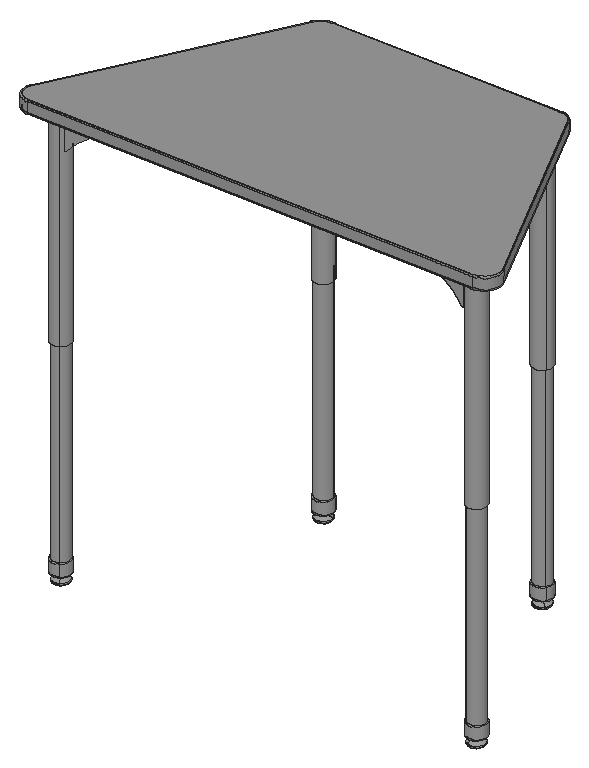
Revit family "Hierarchy Activity 48x24 Trapezoid Table - Standing Height", category Furniture, Revit 2018
Family settings
  Work Plane-Based = No
  Always vertical = Yes
  Cut with Voids When Loaded = No
  Shared = No
  Room Calculation Point = No
Parameters
  Table Height = 3' - 5"
  Surface = Hierarchy Activity 48x24 Trapezoid Table Standing Surface
  Leg Finish = Hierarchy Leg Platinum
  Edgeband = Hierarchy Activity 48x24 Trapezoid Table Standing Edgeband
  Caster/Glide = Hierarchy Standing Leg - Glide : Hierarchy Standing Leg - Glide
Reference planes (in)
  plane 1 "Center (Front/Back)": y = 0
  plane 2: z = 0
  plane 3 "Center (Left/Right)": x = 0
  plane 4: z = 41
Dimensions and locks (in)
  "Table Height": plane 4 to level
  aligned and locked: plane 2 to level
  aligned and locked: nested 1 to plane 4
Nested families (in)
  nested 1: "Activity 48x24 Trapezoid Tabletop" at (0, 0, 17.075), type "Activity 48x24 Trapezoid Tabletop"
  nested 2: "Hierarchy Standing Leg - Glide" at (-10.61204, 9.56432, 0) x (0.8507, 0.5257, 0) z (0, 0, 1), Leg Height <- "Table Height", type <- "Caster/Glide", Leg Finish <- "Leg Finish", type "Hierarchy Standing Leg - Glide"
  nested 3: "Hierarchy Standing Leg - Glide" at (10.61204, 9.56432, 0) x (-0.8507, 0.5257, 0) z (0, 0, 1), Leg Height <- "Table Height", type <- "Caster/Glide", Leg Finish <- "Leg Finish", type "Hierarchy Standing Leg - Glide"
  nested 4: "Hierarchy Standing Leg - Glide" at (-20.15571, -10.33203, 0) x (-0.5257, 0.8507, 0) z (0, 0, 1), Leg Finish <- "Leg Finish", Leg Height <- "Table Height", type "Hierarchy Standing Leg - Glide"
    with Leg Height 3' - 5", Leg Finish Hierarchy Leg Platinum
  nested 5: "Hierarchy Standing Leg - Glide" at (20.15571, -10.33203, 0) x (0.5257, 0.8507, 0) z (0, 0, 1), Leg Finish <- "Leg Finish", Leg Height <- "Table Height", type "Hierarchy Standing Leg - Glide"
    with Leg Height 3' - 5", Leg Finish Hierarchy Leg Platinum
Definition of nested family "Activity 48x24 Trapezoid Tabletop"
  Parameters (values of type "Activity 48x24 Trapezoid Tabletop")
    Surface = none
    Edgeband = none
  Reference planes (in)
    plane 1 "Center (Front/Back)": y = 0
    plane 2: z = 0
    plane 3 "Center (Left/Right)": x = 0
  Forms (in)
    Extrusion 1, solid, material <- "Surface"
      sketch origin (0, 0, 0) x (1, 0, 0) y (0, 1, 0)
        loop
          arc (-22.80895, -10.5) -> (-22.74845, -11.8445) -> (-21.57295, -12.49989) r 1.38189
          line (-21.57295, -12.49989) -> (21.57295, -12.49989)
          arc (21.57295, -12.49989) -> (22.74846, -11.8445) -> (22.80895, -10.5) r 1.38189
          line (22.80895, -10.5) -> (12.30895, 10.5)
          arc (12.30895, 10.5) -> (11.79945, 11.05751) -> (11.07295, 11.26389) r 1.38189
          line (11.07295, 11.26389) -> (-11.07295, 11.26389)
          arc (-11.07295, 11.26389) -> (-11.79945, 11.05751) -> (-12.30895, 10.5) r 1.38189
          line (-12.30895, 10.5) -> (-22.80895, -10.5)
      from 23.925 to 25.125
    Sweep 2, solid, material <- "Edgeband"
      path origin (0, 0, 0) x (1, 0, 0) y (0, 1, 0)
        loop
          line (-21.57295, -12.49989) -> (21.57295, -12.49989)
          arc (21.57295, -12.49989) -> (22.74846, -11.8445) -> (22.80895, -10.5) r 1.38189
          line (22.80895, -10.5) -> (12.30895, 10.5)
          arc (12.30895, 10.5) -> (11.79945, 11.05751) -> (11.07295, 11.26389) r 1.38189
          line (11.07295, 11.26389) -> (-11.07295, 11.26389)
          arc (-11.07295, 11.26389) -> (-11.79945, 11.05751) -> (-12.30895, 10.5) r 1.38189
          line (-12.30895, 10.5) -> (-22.80895, -10.5)
          arc (-22.80895, -10.5) -> (-22.74845, -11.8445) -> (-21.57295, -12.49989) r 1.38189
      profile origin (0, -12.49989, 0) x (0, 1, 0) y (0, 0, 1)
        loop
          arc (0, 25.125) -> (-0.08352, 25.09041) -> (-0.11811, 25.00689) r 0.11811
          line (-0.11811, 25.00689) -> (-0.11811, 24.04311)
          arc (-0.11811, 24.04311) -> (-0.08352, 23.95959) -> (0, 23.925) r 0.11811
          line (0, 23.925) -> (0, 25.125)
  Dimensions and locks (in)
    aligned and locked: plane 2 to level
Definition of nested family "Hierarchy Standing Leg - Glide"
  Parameters (values of type "Hierarchy Standing Leg - Glide")
    Leg Finish [instance] = none
    Leg Height [instance] = 3' - 5"
  Reference planes (in)
    plane 1 "Center (Front/Back)": y = 0
    plane 2: z = 0
    plane 3 "Center (Left/Right)": x = 0
  Forms (in)
    Extrusion 1, solid
      sketch origin (-0.01562, 0, 0) x (1, 0, 0) y (0, 1, 0)
        loop
          circle (0.01563, 0) r 0.79147
      from 2 to 23.175
    Revolve 2, solid
      sketch origin (0, 0, 0) x (1, 0, 0) y (0, 0, 1)
        loop
          line (0, 2) -> (0, 0.74937) -> (0.84838, 0.74937)
          arc (0.84838, 0.74937) -> (0.89342, 0.76803) -> (0.91207, 0.81306) r 0.06369
          line (0.91207, 0.81306) -> (0.91207, 1.93631)
          arc (0.91207, 1.93631) -> (0.89342, 1.98134) -> (0.84838, 2) r 0.06369
          line (0.84838, 2) -> (0, 2)
        axis (0, 2) -> (0, 0.74937)
      angle from 0 to 360
    Revolve 3, solid
      sketch origin (0, 0, 0) x (1, 0, 0) y (0, 0, 1)
        loop
          line (0, 0.75) -> (0, 0) -> (0.74583, 0) -> (0.79147, 0.09013) -> (0.79147, 0.16241) -> (0.12474, 0.5) -> (0.12474, 0.75) -> (0, 0.75)
        axis (0, 0.75) -> (0, 0)
      angle from 0 to 360
  Dimensions and locks (in)
    "Leg Height": nested 1 to level
    aligned and locked: plane 2 to level
  Automatic sketch dimensions
    plane 1 "Center (Front/Back)" to Extrusion 1 sketch curve = 0' - 0"
    Extrusion 1 sketch curve to plane 3 "Center (Left/Right)" = 0' - 0"
    Revolve 2 sketch curve to plane 3 "Center (Left/Right)" = 0' - 0"  (x2)
    plane 3 "Center (Left/Right)" to Revolve 2 sketch curve = 0' - 0.84838"
    Revolve 2 sketch curve to Revolve 2 sketch curve = 0' - 0.84838"
    Revolve 2 sketch curve to Revolve 2 sketch curve = 0' - 0.06369"
    level to Revolve 2 sketch curve = 0' - 0.74937"
    Revolve 2 sketch curve to Revolve 2 sketch curve = 0' - 1.12324"
    Revolve 2 sketch curve to Revolve 2 sketch curve = 0' - 0.13731"
    Revolve 2 sketch curve to Revolve 2 sketch curve = 0' - 0 3/4"
    Revolve 3 sketch curve to plane 3 "Center (Left/Right)" = 0' - 0"  (x2)
    Revolve 3 sketch curve to level = 0' - 0"
    plane 3 "Center (Left/Right)" to Revolve 3 sketch curve = 0' - 0.12474"
    plane 3 "Center (Left/Right)" to Revolve 3 sketch curve = 0' - 0.74583"
    Revolve 3 sketch curve to Revolve 3 sketch curve = 0' - 0.04564"
    level to Revolve 3 sketch curve = 0' - 0.09013"
    Revolve 3 sketch curve to Revolve 3 sketch curve = 0' - 0.07228"
    level to Revolve 3 sketch curve = 0' - 0 1/2"
    Revolve 3 sketch curve to Revolve 3 sketch curve = 0' - 0 1/4"
    Revolve 3 sketch curve to level = 0' - 0 1/8"
    Revolve 3 sketch curve to Revolve 3 sketch curve = 0' - 0 1/8"
    radius of Extrusion 1 sketch curve = 0' - 0.79147"
  Nested families (in)
    nested 1: "Hierarchy Standing Upper Leg 2023" at (0, 0, 0.19983), Leg Finish <- "Leg Finish", type "Hierarchy Standing Upper Leg 2023"
      with Leg Finish none
  Definition of nested family "Hierarchy Standing Upper Leg 2023"
    Parameters (values of type "Hierarchy Standing Upper Leg 2023")
      Leg Finish [instance] = none
    Reference planes (in)
      plane 1 "Center (Front/Back)": y = 0
      plane 2: z = 0
      plane 3 "Center (Left/Right)": x = 0
    Forms (in)
      Extrusion 1, solid, material <- "Leg Finish"
        sketch origin (0, 0, 0) x (1, 0, 0) y (0, 1, 0)
          loop
            circle (0, 0) r 0.9129
        from 20.67418 to 40.67418
      Extrusion 2, solid, material <- "Leg Finish"
        sketch origin (0, 0, 12.998) x (1, 0, 0) y (0, 1, 0)
          loop
            line (-1.70174, 0.19183) -> (-3.96611, -4.49738)
            arc (-3.96611, -4.49738) -> (-3.91977, -5.33444) -> (-3.18615, -5.74016) r 0.86614
            line (-3.18615, -5.74016) -> (3.18615, -5.74016)
            arc (3.18615, -5.74016) -> (3.91977, -5.33444) -> (3.96611, -4.49738) r 0.86614
            line (3.96611, -4.49738) -> (1.70174, 0.19183)
            arc (1.70174, 0.19183) -> (0, 1.25984) -> (-1.70174, 0.19183) r 1.88976
        from 27.67618 to 27.80217
      Extrusion 3, solid, material <- "Leg Finish"
        sketch origin (12.41967, 1.58692, 0) x (0.434844, 0.900506, 0) y (0, 0, 1)
          loop
            arc (-12.68776, 40.67418) -> (-12.80559, 40.56418) -> (-12.70394, 40.43908) r 0.11811
            arc (-12.70394, 40.43908) -> (-9.98192, 39.53509) -> (-7.76426, 37.71614) r 7.87402
            arc (-7.76426, 37.71614) -> (-7.63344, 37.68136) -> (-7.55587, 37.79229) r 0.11811
            line (-7.55587, 37.79229) -> (-7.55587, 40.67418) -> (-12.68776, 40.67418)
        from -11.10976 to -10.98378
      Extrusion 4, solid, material <- "Leg Finish"
        sketch origin (-12.41967, 1.58692, 0) x (-0.434844, 0.900506, 0) y (0, 0, -1)
          loop
            line (-12.68776, -40.67418) -> (-7.55587, -40.67418) -> (-7.55587, -37.79229)
            arc (-7.55587, -37.79229) -> (-7.63344, -37.68136) -> (-7.76426, -37.71614) r 0.11811
            arc (-7.76426, -37.71614) -> (-9.98192, -39.53509) -> (-12.70394, -40.43908) r 7.87402
            arc (-12.70394, -40.43908) -> (-12.80559, -40.56418) -> (-12.68776, -40.67418) r 0.11811
        from -11.10976 to -10.98378
    Dimensions and locks (in)
      aligned and locked: plane 2 to level
